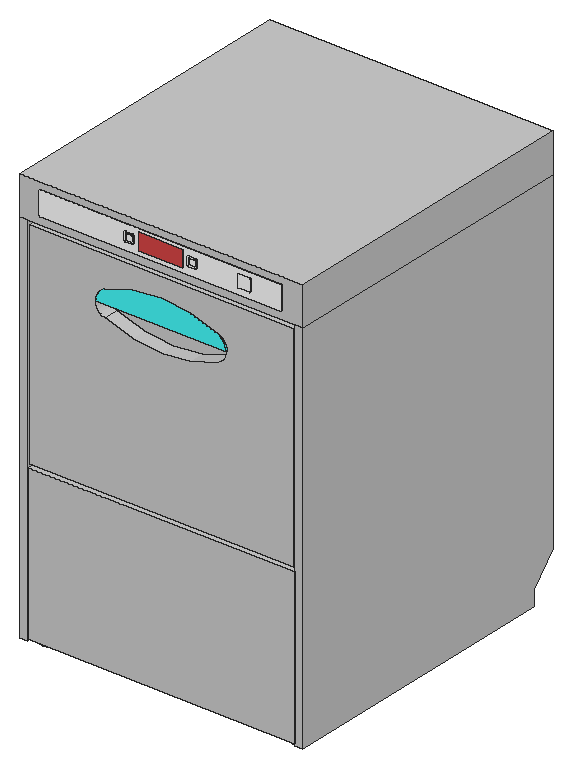
Revit family "QF_COMENDA_TL48BT", category Attrezzature speciali, Revit 2019
Family settings
  Quota connettore circolare = Usa diametro
  Tipo di parte = Normale
  Numero OmniClass = 23.40.40.14
  Titolo OmniClass = Food Service Equipment
  Basato su piano di lavoro = No
  Sempre verticale = Sì
  Taglio con vuoti quando caricato = No
  Condiviso = No
  Punto di calcolo locali = No
Parameters (values of type "H57206")
  URL catalogo = "https://www.hoonved.com/site/assets/files/1121/low-_doppia_hnd-brochure_tl_ita_eng_pdf.pdf"
  URL = "https://www.hoonved.com/"
  Tensione = 400 V
  Temperatura raccomandata per acqua calda = 50 °C
  Show Logo [instance] = yes
  Show Clearance [instance] = yes
  Protezione contro le sovracorrenti = 16 A
  Profondità = 530 mm
  Pressione minima acqua calda = 2000.0 Pa
  Potenza elettrica = 5260 W
  Peso netto = 49.00 kg
  Numero dei poli = 3
  Modello = "TL48BT"
  Produttore = "HOONVED"
  Lunghezza = 480 mm
  Frequenza = 50 Hz
  Fase = 3
  Diametro raccordo acqua calda = 3/4"
  Diametro dello scarico diretto di acqua = 1 3/8"
  Descrizione = "MULTIPOWER DOUBLE WALL GLASS WASHER WITH HR DRAIN PUMP AND PERISTALTIC DOSING UNITS AND BREAK TANK"
  Corrente di funzionamento normale = 8.8 A
  Assembly Code = ""
  Altezza dello scarico diretto acqua da pavimento finito = 55 mm
  Altezza da terra raccordo acqua calda = 55 mm
  Altezza allacciamento elettrico da pavimento finito = 55 mm
  Altezza = 705 mm
Reference planes
  plane 1 "Back": y = 0
  plane 2: z = 0
  plane 3 "Left": x = 0
  plane 4 "Right": x = 480
  plane 5 "Front": y = -531
  plane 6 "Top": z = 715
Forms (mm)
  Extrusion 1, solid
    sketch origin (-278.068, 492.132, 0) x (0, 1, 0) y (0, 0, 1)
      loop
        line (-993.132, 273) -> (-1022.132, 273) -> (-1022.132, 12) -> (-993.132, 12) -> (-993.132, 273)
    from 291.131 to 745.131
  Extrusion 2, solid
    sketch origin (221.932, -481, 0) x (1, 0, 0) y (0, 0, 1)
      loop
        line (-205.869, 642) -> (-205.869, 280) -> (242.131, 280) -> (242.131, 642) -> (-205.869, 642)
      loop
        arc (-78.309, 545.519) -> (18.132, 525.572) -> (114.573, 545.519) r 243.118
        arc (114.573, 545.519) -> (129.148, 567.694) -> (114.573, 589.869) r 24.157
        arc (114.573, 589.869) -> (18.132, 610.193) -> (-78.309, 589.869) r 238.976
        arc (-78.309, 589.869) -> (-92.883, 567.694) -> (-78.309, 545.519) r 24.157
    from 20 to 49
  Extrusion 3, solid
    sketch origin (-266.904, -501, 95) x (1, 0, 0) y (0, 0, 1)
      loop
        arc (410.527, 450.519) -> (506.968, 430.572) -> (603.409, 450.519) r 243.118
        arc (603.409, 450.519) -> (617.983, 472.694) -> (603.409, 494.869) r 24.157
        arc (603.409, 494.869) -> (506.968, 515.193) -> (410.527, 494.869) r 238.976
        arc (410.527, 494.869) -> (395.953, 472.694) -> (410.527, 450.519) r 24.157
    from 0 to 2
  Extrusion 4, solid
    sketch origin (-266.904, -529, 95) x (1, 0, 0) y (0, 0, 1)
      loop
        arc (410.527, 494.869) -> (399.93, 485.973) -> (395.953, 472.722) r 24.157
        line (395.953, 472.722) -> (617.983, 472.722)
        arc (617.983, 472.722) -> (614.006, 485.973) -> (603.409, 494.869) r 24.157
        arc (603.409, 494.869) -> (506.968, 515.193) -> (410.527, 494.869) r 238.976
    from 0 to 2
  Extrusion 5, solid
    sketch origin (0, 493.132, 92.998) x (0, 1, 0) y (0, 0, 1)
      loop
        line (-493.132, 622.002) -> (-1023.132, 622.002) -> (-1023.132, 556.002) -> (-493.132, 556.002) -> (-493.132, 622.002)
    from 0 to 480
  Extrusion 6, solid
    sketch origin (-269.238, -528.2, 92.998) x (1, 0, 0) y (0, 0, 1)
      loop
        line (302.336, 607.5) -> (302.336, 571.5)
        arc (302.336, 571.5) -> (303.136, 569.568) -> (305.068, 568.768) r 2.732
        line (305.068, 568.768) -> (711.068, 568.768)
        arc (711.068, 568.768) -> (713, 569.568) -> (713.8, 571.5) r 2.732
        line (713.8, 571.5) -> (713.8, 607.5)
        arc (713.8, 607.5) -> (713, 609.432) -> (711.068, 610.232) r 2.732
        line (711.068, 610.232) -> (305.068, 610.232)
        arc (305.068, 610.232) -> (303.136, 609.432) -> (302.336, 607.5) r 2.732
    from 0 to 2
  Extrusion 7, solid
    sketch origin (-269.238, -528.4, 102.998) x (1, 0, 0) y (0, 0, 1)
      loop
        line (470.568, 593.5) -> (470.568, 565.5) -> (545.568, 565.5) -> (545.568, 593.5) -> (470.568, 593.5)
    from 0 to 2
  Extrusion 8, solid
    sketch origin (-279.238, -528.4, 102.998) x (1, 0, 0) y (0, 0, 1)
      loop
        line (649.068, 588.522) -> (649.068, 570.467)
        arc (649.068, 570.467) -> (649.644, 569.076) -> (651.036, 568.5) r 1.967
        line (651.036, 568.5) -> (669.062, 568.5)
        arc (669.062, 568.5) -> (670.481, 569.088) -> (671.068, 570.506) r 2.006
        line (671.068, 570.506) -> (671.068, 588.511)
        arc (671.068, 588.511) -> (670.486, 589.917) -> (669.079, 590.5) r 1.989
        line (669.079, 590.5) -> (651.047, 590.5)
        arc (651.047, 590.5) -> (649.648, 589.921) -> (649.068, 588.522) r 1.978
      loop
        line (469.571, 587.5) -> (459.59, 587.5)
        arc (459.59, 587.5) -> (457.453, 586.615) -> (456.568, 584.478) r 3.022
        line (456.568, 584.478) -> (456.568, 574.525)
        arc (456.568, 574.525) -> (457.454, 572.386) -> (459.593, 571.5) r 3.025
        line (459.593, 571.5) -> (469.558, 571.5)
        arc (469.558, 571.5) -> (471.686, 572.382) -> (472.568, 574.511) r 3.011
        line (472.568, 574.511) -> (472.568, 584.503)
        arc (472.568, 584.503) -> (471.69, 586.622) -> (469.571, 587.5) r 2.997
      loop
        line (576.559, 587.5) -> (566.577, 587.5)
        arc (566.577, 587.5) -> (564.441, 586.615) -> (563.556, 584.478) r 3.022
        line (563.556, 584.478) -> (563.556, 574.525)
        arc (563.556, 574.525) -> (564.442, 572.386) -> (566.581, 571.5) r 3.025
        line (566.581, 571.5) -> (576.545, 571.5)
        arc (576.545, 571.5) -> (578.674, 572.382) -> (579.556, 574.511) r 3.011
        line (579.556, 574.511) -> (579.556, 584.503)
        arc (579.556, 584.503) -> (578.678, 586.622) -> (576.559, 587.5) r 2.997
      loop
        arc (459.59, 585.5) -> (458.867, 585.201) -> (458.568, 584.478) r 1.022
        line (458.568, 584.478) -> (458.568, 574.525)
        arc (458.568, 574.525) -> (458.868, 573.8) -> (459.593, 573.5) r 1.025
        line (459.593, 573.5) -> (469.558, 573.5)
        arc (469.558, 573.5) -> (470.272, 573.796) -> (470.568, 574.511) r 1.011
        line (470.568, 574.511) -> (470.568, 584.503)
        arc (470.568, 584.503) -> (470.276, 585.208) -> (469.571, 585.5) r 0.997
        line (469.571, 585.5) -> (459.59, 585.5)
      loop
        line (565.556, 584.478) -> (565.556, 574.525)
        arc (565.556, 574.525) -> (565.856, 573.8) -> (566.581, 573.5) r 1.025
        line (566.581, 573.5) -> (576.545, 573.5)
        arc (576.545, 573.5) -> (577.26, 573.796) -> (577.556, 574.511) r 1.011
        line (577.556, 574.511) -> (577.556, 584.503)
        arc (577.556, 584.503) -> (577.264, 585.208) -> (576.559, 585.5) r 0.997
        line (576.559, 585.5) -> (566.577, 585.5)
        arc (566.577, 585.5) -> (565.855, 585.201) -> (565.556, 584.478) r 1.022
    from 0 to 2
  Extrusion 9, solid
    sketch origin (-68.068, 420.891, 544.501) x (1, 0, 0) y (0, 0.669334, 0.742961)
      loop
        circle (308.068, -656.481) r 10
    from 0 to 2
  Extrusion 10, solid
    sketch origin (-323.068, -41.138, 31.649) x (1, 0, 0) y (0, 0.669334, 0.742961)
      loop
        circle (508.068, 33.8) r 19
    from 0 to 2
  Extrusion 11, solid
    sketch origin (-183.268, -42.476, 30.163) x (1, 0, 0) y (0, 0.669334, 0.742961)
      loop
        circle (478.268, 35.8) r 15
    from 0 to 2
  Extrusion 12, solid, visible <- "Show Clearance", detail levels coarse
    sketch origin (0, -10, 0) x (0, 1, 0) y (0, 0, 1)
      loop
        line (-520, 280) -> (-520, 642)
        arc (-520, 642) -> (-775.973, 535.973) -> (-882, 280) r 362
        line (-882, 280) -> (-520, 280)
    from 16.062 to 464.062
  Extrusion 13, solid
    sketch origin (0, 0, 0) x (0, 1, 0) y (0, 0, 1)
      loop
        line (-530, 649) -> (-530, 10) -> (-40, 10) -> (-40, 35.9) -> (0, 80.3) -> (0, 649) -> (-530, 649)
    from 0 to 13.062
  Extrusion 14, solid
    sketch origin (480, 0, 0) x (0, 1, 0) y (0, 0, -1)
      loop
        line (-530, -649) -> (0, -649) -> (0, -80.3) -> (-40, -35.9) -> (-40, -10) -> (-530, -10) -> (-530, -649)
    from 0 to 12.937
  Extrusion 15, solid
    sketch origin (0, 0, 0) x (0, 1, 0) y (0, 0, 1)
      loop
        line (0, 649) -> (-501, 649) -> (-501, 10) -> (-40, 10) -> (-40, 35.9) -> (0, 80.3) -> (0, 649)
    from 13.062 to 467.062
  Revolve 16, solid
    sketch origin (0, -62.7, 0) x (1, 0, 0) y (0, 0, 1)
      loop
        line (26.562, 0) -> (26.562, 10) -> (21.562, 10) -> (21.562, 6.5) -> (12.312, 6.5) -> (12.312, 0) -> (26.562, 0)
      axis (26.562, 0) -> (26.562, 10)
    angle from 0 to 360
  Revolve 17, solid
    sketch origin (0, -500, 0) x (1, 0, 0) y (0, 0, 1)
      loop
        line (26.562, 0) -> (26.562, 10) -> (21.562, 10) -> (21.562, 6.5) -> (12.312, 6.5) -> (12.312, 0) -> (26.562, 0)
      axis (26.562, 0) -> (26.562, 10)
    angle from 0 to 360
  Revolve 18, solid
    sketch origin (427, -62.7, 0) x (1, 0, 0) y (0, 0, 1)
      loop
        line (26.562, 0) -> (26.562, 10) -> (21.562, 10) -> (21.562, 6.5) -> (12.312, 6.5) -> (12.312, 0) -> (26.562, 0)
      axis (26.562, 0) -> (26.562, 10)
    angle from 0 to 360
  Revolve 19, solid
    sketch origin (427, -500, 0) x (1, 0, 0) y (0, 0, 1)
      loop
        line (26.562, 0) -> (26.562, 10) -> (21.562, 10) -> (21.562, 6.5) -> (12.312, 6.5) -> (12.312, 0) -> (26.562, 0)
      axis (26.562, 0) -> (26.562, 10)
    angle from 0 to 360
Cuts and joins
  joined: Extrusion 13, Extrusion 14, Extrusion 15
Lines and regions (mm)
  symbolic lines, style "200-EquipBorder-2D"
    curve 1: line (480, 0, 0) -> (0, 0, 0)
    curve 2: line (480, -531, 0) -> (480, 0, 0)
    curve 3: line (0, 0, 0) -> (0, -531, 0)
    curve 4: line (0, -531, 0) -> (480, -531, 0)
  symbolic lines, style "QF_Door-Drawer Clearances", visible <- "Show Clearance"
    curve 5: line (16.062, -531, 0) -> (16.062, -893, 0)
    curve 6: line (464.062, -893, 0) -> (16.062, -893, 0)
    curve 7: line (464.062, -893, 0) -> (464.062, -531, 0)
Dimensions and locks
  plane 3 "Left" to plane 4 "Right" = 480 mm
  plane 5 "Front" to plane 1 "Back" = 531 mm
  plane 6 "Top" to level = 715 mm
  aligned and locked: level to plane 2
Connectors
  electrical at (240, -18.514, 56.761)
    settings: on Extrusion 9, index 1, voltage 0 V, apparent load 0 VA, apparent load phase1 0 VA, apparent load phase2 0 VA, apparent load phase3 0 VA, power factor 1, load classification "Other", number of poles 1, system type 31, power factor state 1, is connector primary yes, connector utility no, sub classification motor no, connector description "electrical connection"
  piping at (185, -18.514, 56.761), diameter 25
    settings: on Extrusion 10, index 2, connector inside diameter 24", connector length 0 mm, flow factor 0, pipe flow 0.0 L/s, pressure drop 0.0 Pa, fitting loss kfactor 0, connector angle 0.00°, fixture units 0, engagement length 0 mm, angle of deflection 0.00°, flow configuration 1, flow direction 2, fitting loss method 0, system type 16, joint type 0, gender type 0, connector reference index -1, connector utility 0, adjustable connector no, is connector primary yes, connector description "drain connection"
  piping at (295, -18.514, 56.761), diameter 15
    settings: on Extrusion 11, index 3, connector inside diameter 24", connector length 0 mm, flow factor 0, pipe flow 0.0 L/s, pressure drop 0.0 Pa, fitting loss kfactor 0, connector angle 0.00°, fixture units 0, engagement length 0 mm, angle of deflection 0.00°, flow configuration 1, flow direction 1, fitting loss method 0, system type 19, joint type 0, gender type 0, connector reference index -1, connector utility 0, adjustable connector no, is connector primary no, connector description "water inlet"
